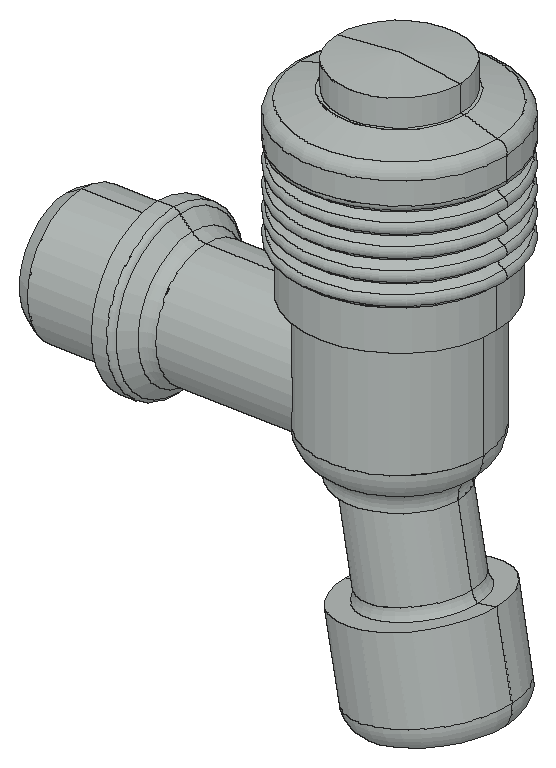
Revit family "QL01951015", category Apparecchi idraulici, Revit 2020
Family settings
  Quota connettore circolare = Usa diametro
  Tipo di parte = Normale
  Numero OmniClass = 23.45.00.00
  Titolo OmniClass = Sanitary, Laundry, and Cleaning Equipment
  Basato su piano di lavoro = No
  Sempre verticale = Sì
  Taglio con vuoti quando caricato = No
  Condiviso = No
  Punto di calcolo locali = No
Parameters
  URL = "https://web.cimberio.com/index.php/figura/1783?subcategoria_id=122"
  Temperatura di esercizio = "-10÷90°C"
  Prospetto di default = 0 mm
  Produttore = "CIMBERIO SPA"
  Pressione nominale = "PN 10"
  Modello = "Cim 44/8"
  Materiale = "Prodotto in lega di ottone conforme alla norma EN 12165-CW617N-DW"
  Descrizione = "Realizzato in ottemperanza ai requisiti gestionali della norma EN ISO 9001.\r\nUtilizzato per la regolazione della temperatura degli ambienti e comandare apparecchi degli impianti di riscaldamento e condizionamento."
  DN [instance] = 15 mm
  Commenti sul tipo = "Utilizzato per impianti idrici, applicazioni industriali ed agricole, in generale con ogni fluido non corrosivo.\r\nUtilizzato per impianti idrici, applicazioni industriali ed agricole, in generale con ogni fluido non corrosivo."
Reference planes
  plane 1 "Centro (Fronte/Retro)": y = 0
  plane 2: z = 0
  plane 3 "Centro (Sinistra/Destra)": x = 0
Forms (mm)
  Revolve 1, solid, material "Cim_Lega di ottone"
    sketch origin (0, 0, 0) x (1, 0, 0) y (0, 0, 1)
      loop
        arc (-10, 41.2) -> (-12.601, 40.54) -> (-15.159, 39.73) r 46
        arc (-15.159, 39.73) -> (-16.131, 39) -> (-16.5, 37.842) r 2
        line (-16.5, 37.842) -> (-16.5, 34.412)
        arc (-16.5, 34.412) -> (-16.397, 33.97) -> (-16.109, 33.619) r 1
        line (-16.109, 33.619) -> (-14.989, 32.76) -> (-16.109, 31.9)
        arc (-16.109, 31.9) -> (-16.5, 31.107) -> (-16.109, 30.314) r 1
        line (-16.109, 30.314) -> (-14.989, 29.454) -> (-16.109, 28.595)
        arc (-16.109, 28.595) -> (-16.5, 27.802) -> (-16.109, 27.008) r 1
        line (-16.109, 27.008) -> (-14.989, 26.149) -> (-16.109, 25.289)
        arc (-16.109, 25.289) -> (-16.5, 24.496) -> (-16.109, 23.703) r 1
        line (-16.109, 23.703) -> (-14.989, 22.843) -> (-16.109, 21.984)
        arc (-16.109, 21.984) -> (-16.5, 21.191) -> (-16.109, 20.397) r 1
        line (-16.109, 20.397) -> (-15, 19.547) -> (-15, 13.3) -> (0, 13.3) -> (0, 41.2) -> (-10, 41.2)
      axis (0, 41.2) -> (0, 13.3)
    angle from 0 to 360
  Revolve 2, solid, material "Cim_Lega di ottone"
    sketch origin (0, 0, 0) x (1, 0, 0) y (0, 0, 1)
      loop
        line (0, 41.2) -> (0, 46.249)
        arc (0, 46.249) -> (-4.774, 46.019) -> (-9.5, 45.308) r 47.415
        line (-9.5, 45.308) -> (-9.5, 41.2) -> (0, 41.2)
      axis (0, 46.249) -> (0, 41.2)
    angle from 0 to 360
  Revolve 3, solid, material "Cim_Lega di ottone filetto"
    sketch origin (0, 0, 0) x (1, 0, 0) y (0, 0, 1)
      loop
        line (-48.7, 10.35) -> (-51, 9.022) -> (-51, 7.506) -> (-37, 7.506) -> (-37, 10.35) -> (-48.7, 10.35)
      axis (-51, 0) -> (-37, 0)
    angle from 0 to 360
  Revolve 4, solid, material "Cim_Lega di ottone"
    sketch origin (0, 0, 0) x (1, 0, 0) y (0, 0, 1)
      loop
        line (-37, 7.5) -> (0, 7.5) -> (0, 9.5) -> (-29.757, 9.5)
        arc (-29.757, 9.5) -> (-30.905, 9.728) -> (-31.879, 10.379) r 3
        line (-31.879, 10.379) -> (-33.742, 12.242)
        arc (-33.742, 12.242) -> (-34.098, 12.659) -> (-34.624, 12.815) r 0.966
        line (-34.624, 12.815) -> (-37, 12.815) -> (-37, 7.5)
      axis (0, 0) -> (-37, 0)
    angle from 0 to 360
  Revolve 5, solid, material "Cim_Lega di ottone"
    sketch origin (0, 0, 0) x (1, 0, 0) y (0, 0, 1)
      loop
        line (0, 13.3) -> (0, -12.042) -> (9.118, -12.042)
        arc (9.118, -12.042) -> (9.347, -10.268) -> (10.545, -8.94) r 3
        arc (10.545, -8.94) -> (12.343, -7.113) -> (13, -4.636) r 5
        line (13, -4.636) -> (13, 13.3) -> (0, 13.3)
      axis (0, -12.042) -> (0, 13.3)
    angle from 0 to 360
  Revolve 6, solid, material "Cim_Lega di ottone"
    sketch origin (0, 0, 0) x (1, 0, 0) y (0, 0, 1)
      loop
        line (11.179, -23.731) -> (8.249, -7.114) -> (0.223, -8.529) -> (3.656, -28) -> (13.872, -26.198)
        arc (13.872, -26.198) -> (12.107, -25.421) -> (11.179, -23.731) r 3
      axis (3.656, -28) -> (0.223, -8.529)
    angle from 0 to 360
  Revolve 7, solid, material "Cim_Lega di ottone"
    sketch origin (0, 0, 0) x (1, 0, 0) y (0, 0, 1)
      loop
        line (15.012, -24.739) -> (3.441, -26.779) -> (6.202, -42.437) -> (16.296, -40.657)
        arc (16.296, -40.657) -> (17.143, -39.096) -> (17.231, -37.322) r 4
        line (17.231, -37.322) -> (15.012, -24.739)
      axis (3.441, -26.779) -> (6.202, -42.437)
    angle from 0 to 360
Dimensions and locks
  aligned and locked: level to plane 2
Connectors
  piping at (-51, 0, 0), diameter 15, driven by "DN"
    settings: on Revolve 3, index 1, connector inside diameter 609.6 mm, connector length 0 mm, flow factor 0, pipe flow 0.0 L/s, pressure drop 0.0 Pa, fitting loss kfactor 0, connector angle 0.00°, fixture units 0, engagement length 0 mm, angle of deflection 0.00°, flow configuration 0, flow direction 0, fitting loss method 0, system type 7, joint type 0, gender type 0, connector reference index -1, connector utility 0, adjustable connector no, is connector primary yes, connector description ""
  piping at (6.202, 0, -42.437), diameter 15, driven by "DN"
    settings: on Revolve 7, index 2, connector inside diameter 609.6 mm, connector length 0 mm, flow factor 0, pipe flow 0.0 L/s, pressure drop 0.0 Pa, fitting loss kfactor 0, connector angle 0.00°, fixture units 0, engagement length 0 mm, angle of deflection 0.00°, flow configuration 0, flow direction 0, fitting loss method 0, system type 7, joint type 0, gender type 0, connector reference index -1, connector utility 0, adjustable connector no, is connector primary no, connector description ""
